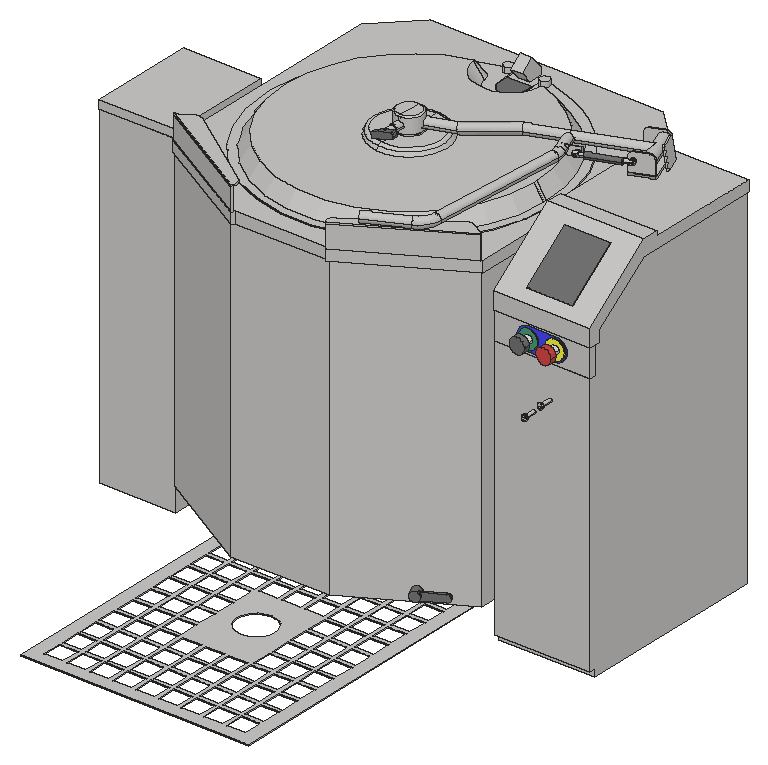
Revit family "QF_DIETATEC_C-CLASSIC_200_180516033151", category Specialty Equipment, Revit 2015 (continued)
Definition of nested family "QF_Dietatec_C-CLASSIC_200_FL"
  Lines and regions (mm)
    symbolic lines
      curve 247: line (328.963, -969.201, 0) -> (278.963, -969.201, 0)
      curve 248: line (328.963, -1019.201, 0) -> (328.963, -969.201, 0)
      curve 249: line (518.963, -1019.201, 0) -> (568.963, -1019.201, 0)
      curve 250: line (518.963, -969.201, 0) -> (518.963, -1019.201, 0)
      curve 251: line (568.963, -969.201, 0) -> (518.963, -969.201, 0)
      curve 252: line (568.963, -1019.201, 0) -> (568.963, -969.201, 0)
      curve 253: line (578.963, -1019.201, 0) -> (628.963, -1019.201, 0)
      curve 254: line (578.963, -969.201, 0) -> (578.963, -1019.201, 0)
      curve 255: line (628.963, -969.201, 0) -> (578.963, -969.201, 0)
      curve 256: line (628.963, -1019.201, 0) -> (628.963, -969.201, 0)
      curve 257: line (638.963, -1019.201, 0) -> (688.963, -1019.201, 0)
      curve 258: line (638.963, -969.201, 0) -> (638.963, -1019.201, 0)
      curve 259: line (688.963, -969.201, 0) -> (638.963, -969.201, 0)
      curve 260: line (688.963, -1019.201, 0) -> (688.963, -969.201, 0)
      curve 261: line (158.963, -959.201, 0) -> (208.963, -959.201, 0)
      curve 262: line (158.963, -909.201, 0) -> (158.963, -959.201, 0)
      curve 263: line (208.963, -909.201, 0) -> (158.963, -909.201, 0)
      curve 264: line (208.963, -959.201, 0) -> (208.963, -909.201, 0)
      curve 265: line (218.963, -959.201, 0) -> (268.963, -959.201, 0)
      curve 266: line (218.963, -909.201, 0) -> (218.963, -959.201, 0)
      curve 267: line (268.963, -909.201, 0) -> (218.963, -909.201, 0)
      curve 268: line (268.963, -959.201, 0) -> (268.963, -909.201, 0)
      curve 269: line (278.963, -959.201, 0) -> (328.963, -959.201, 0)
      curve 270: line (278.963, -909.201, 0) -> (278.963, -959.201, 0)
      curve 271: line (328.963, -909.201, 0) -> (278.963, -909.201, 0)
      curve 272: line (328.963, -959.201, 0) -> (328.963, -909.201, 0)
      curve 273: line (518.963, -959.201, 0) -> (568.963, -959.201, 0)
      curve 274: line (518.963, -909.201, 0) -> (518.963, -959.201, 0)
      curve 275: line (568.963, -909.201, 0) -> (518.963, -909.201, 0)
      curve 276: line (568.963, -959.201, 0) -> (568.963, -909.201, 0)
      curve 277: line (578.963, -959.201, 0) -> (628.963, -959.201, 0)
      curve 278: line (578.963, -909.201, 0) -> (578.963, -959.201, 0)
      curve 279: line (628.963, -909.201, 0) -> (578.963, -909.201, 0)
      curve 280: line (628.963, -959.201, 0) -> (628.963, -909.201, 0)
      curve 281: line (638.963, -959.201, 0) -> (688.963, -959.201, 0)
      curve 282: line (638.963, -909.201, 0) -> (638.963, -959.201, 0)
      curve 283: line (688.963, -909.201, 0) -> (638.963, -909.201, 0)
      curve 284: line (688.963, -959.201, 0) -> (688.963, -909.201, 0)
      curve 285: line (158.963, -899.201, 0) -> (208.963, -899.201, 0)
      curve 286: line (158.963, -849.201, 0) -> (158.963, -899.201, 0)
      curve 287: line (208.963, -849.201, 0) -> (158.963, -849.201, 0)
      curve 288: line (208.963, -899.201, 0) -> (208.963, -849.201, 0)
      curve 289: line (218.963, -899.201, 0) -> (268.963, -899.201, 0)
      curve 290: line (218.963, -849.201, 0) -> (218.963, -899.201, 0)
      curve 291: line (242.625, -849.201, 0) -> (218.963, -849.201, 0)
      curve 292: line (268.963, -899.201, 0) -> (268.963, -864.407, 0)
      curve 293: line (278.963, -899.201, 0) -> (328.963, -899.201, 0)
      curve 294: line (278.963, -870.18, 0) -> (278.963, -899.201, 0)
      curve 295: line (328.963, -899.201, 0) -> (328.963, -874.954, 0)
      curve 296: line (518.963, -899.201, 0) -> (568.963, -899.201, 0)
      curve 297: line (518.963, -874.954, 0) -> (518.963, -899.201, 0)
      curve 298: line (568.963, -899.201, 0) -> (568.963, -870.18, 0)
      curve 299: line (578.963, -899.201, 0) -> (628.963, -899.201, 0)
      curve 300: line (578.963, -864.407, 0) -> (578.963, -899.201, 0)
      curve 301: line (628.963, -899.201, 0) -> (628.963, -867.899, 0)
      curve 302: line (638.963, -899.201, 0) -> (688.963, -899.201, 0)
      curve 303: line (638.963, -863.022, 0) -> (638.963, -899.201, 0)
      curve 304: line (688.963, -849.201, 0) -> (667.3, -849.201, 0)
      curve 305: line (688.963, -899.201, 0) -> (688.963, -849.201, 0)
      curve 306: arc (735.97, -766.993, 0) -> (729.638, -785.381, 0) -> (714.961, -798.14, 0) r 37.57
      curve 307: arc (726.303, -820.423, 0) -> (750.495, -799.394, 0) -> (760.931, -769.086, 0) r 61.924
      curve 308: arc (785.792, -413.556, 0) -> (785.254, -399.87, 0) -> (781.767, -386.625, 0) r 62.903
      curve 309: arc (758.563, -395.937, 0) -> (760.542, -403.456, 0) -> (760.848, -411.226, 0) r 35.711
      curve 310: line (806.484, -360.326, 0) -> (776.143, -371.973, 0)
      curve 311: line (777.218, -374.774, 0) -> (807.559, -363.127, 0)
      curve 312: line (807.559, -363.127, 0) -> (806.484, -360.326, 0)
      curve 313: line (792.347, -354.774, 0) -> (796.081, -353.34, 0)
      curve 314: line (804.654, -367.303, 0) -> (795.318, -370.886, 0)
      curve 315: line (803.116, -384.643, 0) -> (808.064, -382.743, 0)
      curve 316: line (817.683, -362.877, 0) -> (823.059, -376.88, 0)
      curve 317: line (894.237, -333.491, 0) -> (899.612, -347.494, 0)
      curve 318: line (792.347, -354.774, 0) -> (791.771, -356.066, 0)
      curve 319: line (791.771, -356.066, 0) -> (795.086, -364.701, 0)
      curve 320: line (795.318, -370.886, 0) -> (794.294, -368.219, 0)
      curve 321: line (796.081, -353.34, 0) -> (797.373, -353.916, 0)
      curve 322: line (797.373, -353.916, 0) -> (800.688, -362.551, 0)
      curve 323: line (804.654, -367.303, 0) -> (803.63, -364.635, 0)
      curve 324: line (803.116, -384.643, 0) -> (802.005, -381.749, 0)
      curve 325: line (798.739, -373.362, 0) -> (797.182, -370.171, 0)
      curve 326: line (808.064, -382.743, 0) -> (806.953, -379.849, 0)
      curve 327: line (803.769, -371.431, 0) -> (802.79, -368.018, 0)
      curve 328: line (795.079, -374.767, 0) -> (818.758, -365.677, 0)
      curve 329: line (798.304, -383.169, 0) -> (821.984, -374.08, 0)
      curve 330: arc (795.079, -374.767, 0) -> (795.405, -379.462, 0) -> (798.304, -383.169, 0) r 8.039
      curve 331: line (817.683, -362.877, 0) -> (894.237, -333.491, 0)
      curve 332: line (823.059, -376.88, 0) -> (899.612, -347.494, 0)
      curve 333: line (918.988, -327.203, 0) -> (895.312, -336.291, 0)
      curve 334: line (922.213, -335.605, 0) -> (898.537, -344.693, 0)
      curve 335: arc (918.988, -327.203, 0) -> (921.884, -330.911, 0) -> (922.213, -335.605, 0) r 8.055
      curve 336: line (914.679, -341.818, 0) -> (919.627, -339.919, 0)
      curve 337: line (919.627, -339.919, 0) -> (918.516, -337.024, 0)
      curve 338: line (915.331, -328.606, 0) -> (914.353, -325.193, 0)
      curve 339: line (914.679, -341.818, 0) -> (913.568, -338.924, 0)
      curve 340: line (910.302, -330.537, 0) -> (908.745, -327.346, 0)
      curve 341: line (906.881, -328.061, 0) -> (916.217, -324.478, 0)
      curve 342: line (916.217, -324.478, 0) -> (915.103, -321.577, 0)
      curve 343: line (906.881, -328.061, 0) -> (905.768, -325.161, 0)
      curve 344: line (903.334, -313.241, 0) -> (903.909, -311.949, 0)
      curve 345: line (903.909, -311.949, 0) -> (907.644, -310.515, 0)
      curve 346: line (907.644, -310.515, 0) -> (908.936, -311.091, 0)
      curve 347: line (908.936, -311.091, 0) -> (911.803, -318.559, 0)
      curve 348: line (903.334, -313.241, 0) -> (906.201, -320.709, 0)
      curve 349: line (883.912, -287.759, 0) -> (899.232, -327.669, 0)
      curve 350: line (118, -0.009, 0) -> (17.528, -100.481, 0)
      curve 351: line (17.528, -100.481, 0) -> (17.528, -719.241, 0)
      curve 352: line (19.933, -720.63, 0) -> (123.963, -780.691, 0)
      curve 353: line (548.244, -882.143, 0) -> (734.668, -774.51, 0)
      curve 354: line (830.397, -719.241, 0) -> (830.397, -100.481, 0)
      curve 355: line (830.397, -100.481, 0) -> (729.925, -0.009, 0)
      curve 356: line (118, -0.009, 0) -> (729.925, -0.009, 0)
      curve 357: line (1.502, -511.058, 0) -> (0, -511.058, 0)
      curve 358: line (1.502, -511.058, 0) -> (1.502, -516.614, 0)
      curve 359: line (1.502, -516.614, 0) -> (15.667, -516.614, 0)
      curve 360: line (15.667, -516.614, 0) -> (15.667, -515.478, 0)
      curve 361: line (15.667, -515.478, 0) -> (17.528, -515.478, 0)
      curve 362: line (1.502, -611.167, 0) -> (0, -611.167, 0)
      curve 363: line (1.502, -611.167, 0) -> (1.502, -605.611, 0)
      curve 364: line (1.502, -605.611, 0) -> (15.667, -605.611, 0)
      curve 365: line (15.667, -605.611, 0) -> (15.667, -606.747, 0)
      curve 366: line (15.667, -606.747, 0) -> (17.528, -606.747, 0)
      curve 367: line (846.423, -511.058, 0) -> (847.351, -511.058, 0)
      curve 368: line (846.423, -511.058, 0) -> (846.423, -516.614, 0)
      curve 369: line (846.423, -516.614, 0) -> (831.423, -516.614, 0)
      curve 370: line (832.258, -516.614, 0) -> (832.258, -515.478, 0)
      curve 371: line (832.258, -515.478, 0) -> (830.397, -515.478, 0)
      curve 372: line (846.423, -611.167, 0) -> (847.351, -611.167, 0)
      curve 373: line (846.423, -611.167, 0) -> (846.423, -605.611, 0)
      curve 374: line (846.423, -605.611, 0) -> (832.258, -605.611, 0)
      curve 375: line (832.258, -605.611, 0) -> (832.258, -606.747, 0)
      curve 376: line (832.258, -606.747, 0) -> (830.397, -606.747, 0)
      curve 377: line (787.247, -764.939, 0) -> (789.747, -769.269, 0)
      curve 378: line (789.747, -769.269, 0) -> (756.326, -788.564, 0)
      curve 379: line (787.247, -764.939, 0) -> (758.819, -781.351, 0)
      curve 380: arc (417.166, -548.182, 0) -> (326.772, -444.196, 0) -> (430.759, -353.802, 0) r 97.428
      curve 381: arc (430.759, -353.802, 0) -> (476.735, -369.094, 0) -> (509.659, -404.642, 0) r 97.428
      curve 382: line (21.683, -717.599, 0) -> (19.933, -720.63, 0)
      curve 383: line (28.256, -715.851, 0) -> (21.683, -717.599, 0)
      curve 384: line (56.229, -699.701, 0) -> (28.256, -715.851, 0)
      curve 385: arc (77.724, -700.639, 0) -> (67.113, -697.037, 0) -> (56.229, -699.701, 0) r 20.022
      curve 386: line (295.378, -853.042, 0) -> (77.724, -700.639, 0)
      curve 387: arc (301.234, -879.454, 0) -> (303.441, -865.11, 0) -> (295.378, -853.042, 0) r 20.022
      curve 388: line (299.681, -882.143, 0) -> (301.234, -879.454, 0)
      curve 389: line (123.963, -780.691, 0) -> (299.681, -882.143, 0)
      curve 390: line (303.831, -874.954, 0) -> (544.094, -874.954, 0)
      curve 391: arc (552.547, -853.042, 0) -> (544.484, -865.11, 0) -> (546.691, -879.454, 0) r 20.022
      curve 392: line (546.691, -879.454, 0) -> (548.244, -882.143, 0)
      curve 393: line (770.201, -700.639, 0) -> (765.486, -703.94, 0)
      curve 394: arc (791.696, -699.701, 0) -> (780.812, -697.037, 0) -> (770.201, -700.639, 0) r 20.022
      curve 395: line (819.669, -715.851, 0) -> (791.696, -699.701, 0)
      curve 396: line (826.242, -717.599, 0) -> (819.669, -715.851, 0)
      curve 397: line (827.992, -720.63, 0) -> (826.242, -717.599, 0)
      curve 398: line (707.033, -802.007, 0) -> (702.036, -793.351, 0)
      curve 399: line (727.082, -788.746, 0) -> (722.815, -781.354, 0)
      curve 400: arc (373.388, -53.748, 0) -> (333.109, -65.59, 0) -> (293.965, -80.765, 0) r 500.546
      curve 401: arc (293.965, -80.765, 0) -> (251.378, -100.836, 0) -> (211.77, -126.287, 0) r 360.393
      curve 402: arc (211.77, -126.287, 0) -> (91.855, -260.942, 0) -> (48.553, -435.976, 0) r 375.41
      curve 403: line (48.553, -435.976, 0) -> (48.553, -450.992, 0)
      curve 404: arc (48.553, -450.992, 0) -> (322.372, -812.395, 0) -> (744.389, -646.591, 0) r 375.41
      curve 405: line (799.372, -450.992, 0) -> (799.372, -435.976, 0)
      curve 406: arc (799.372, -435.976, 0) -> (795.269, -380.621, 0) -> (783.048, -326.477, 0) r 375.41
      curve 407: arc (553.96, -80.765, 0) -> (514.816, -65.59, 0) -> (474.537, -53.748, 0) r 500.546
      curve 408: arc (636.155, -126.287, 0) -> (596.547, -100.836, 0) -> (553.96, -80.765, 0) r 360.393
      curve 409: arc (471.472, -78.41, 0) -> (458.953, -65.891, 0) -> (471.472, -53.372, 0) r 12.519
      curve 410: arc (471.472, -53.372, 0) -> (483.991, -65.891, 0) -> (471.472, -78.41, 0) r 12.519
      curve 411: line (459.001, -63.727, 0) -> (459.001, -79.406, 0)
      curve 412: arc (454.98, -123.634, 0) -> (457.993, -101.611, 0) -> (459.001, -79.406, 0) r 245.268
      curve 413: arc (392.945, -123.634, 0) -> (423.963, -149.482, 0) -> (454.98, -123.634, 0) r 31.534
      curve 414: arc (389.143, -89.77, 0) -> (390.455, -106.768, 0) -> (392.945, -123.634, 0) r 245.268
      curve 415: arc (392.945, -123.634, 0) -> (389.932, -101.611, 0) -> (388.924, -79.406, 0) r 245.268
      curve 416: line (388.924, -79.406, 0) -> (388.924, -63.727, 0)
      curve 417: arc (376.453, -78.41, 0) -> (388.972, -65.891, 0) -> (376.453, -53.372, 0) r 12.519
      curve 418: arc (376.453, -53.372, 0) -> (363.934, -65.891, 0) -> (376.453, -78.41, 0) r 12.519
      curve 419: arc (458.782, -89.77, 0) -> (448.89, -88.953, 0) -> (438.979, -88.407, 0) r 362.896
      curve 420: line (408.946, -37.248, 0) -> (408.946, -98.033, 0)
      curve 421: line (408.946, -98.033, 0) -> (438.979, -98.033, 0)
      curve 422: line (438.979, -98.033, 0) -> (438.979, -37.248, 0)
      curve 423: line (408.946, -73.721, 0) -> (438.979, -73.721, 0)
      curve 424: line (438.979, -37.248, 0) -> (408.946, -37.248, 0)
      curve 425: arc (330.575, -127.323, 0) -> (161.603, -245.354, 0) -> (96.697, -440.981, 0) r 327.265
      curve 426: arc (336.201, -130.917, 0) -> (334.209, -127.834, 0) -> (330.575, -127.323, 0) r 4.413
      curve 427: arc (511.724, -130.917, 0) -> (423.963, -206.817, 0) -> (336.201, -130.917, 0) r 88.689
      curve 428: arc (517.35, -127.323, 0) -> (513.716, -127.834, 0) -> (511.724, -130.917, 0) r 4.413
      curve 429: arc (751.228, -440.981, 0) -> (747.555, -392.091, 0) -> (736.62, -344.299, 0) r 327.265
      curve 430: line (96.697, -440.981, 0) -> (96.697, -450.992, 0)
      curve 431: arc (96.697, -450.992, 0) -> (423.963, -778.257, 0) -> (751.228, -450.992, 0) r 327.265
      curve 432: line (751.228, -450.992, 0) -> (751.228, -440.981, 0)
      curve 433: line (158.963, -839.201, 0) -> (158.963, -800.898, 0)
      curve 434: line (158.963, -839.201, 0) -> (208.963, -839.201, 0)
      curve 435: line (208.963, -839.201, 0) -> (208.963, -829.766, 0)
      curve 436: line (761.64, -758.938, 0) -> (827.992, -720.63, 0)
      curve 437: line (723.963, -821.565, 0) -> (726.303, -820.423, 0)
      curve 438: line (761.64, -758.938, 0) -> (785.792, -413.556, 0)
      curve 439: arc (518.633, -427.976, 0) -> (498.413, -513.836, 0) -> (417.166, -548.182, 0) r 97.428
      curve 440: arc (728.324, -320.705, 0) -> (645.097, -199.73, 0) -> (517.35, -127.323, 0) r 327.265
      curve 441: arc (774.958, -302.804, 0) -> (719.063, -203.924, 0) -> (636.155, -126.287, 0) r 375.41
      curve 442: arc (773.618, -587.641, 0) -> (792.877, -520.52, 0) -> (799.372, -450.992, 0) r 375.41
      curve 443: line (739.086, -722.426, 0) -> (552.547, -853.042, 0)
      curve 444: arc (408.946, -88.407, 0) -> (399.035, -88.953, 0) -> (389.143, -89.77, 0) r 362.896
  Dimensions and locks
    plane 3 "Left" to plane 4 "Right" = 1101.351 mm
    plane 5 "Front" to plane 1 "Back" = 882.143 mm
    Extrusion 32 to Extrusion 32 = 1304.573 mm
    aligned and locked: level to plane 2
  Connectors
    electrical at (954.351, -182.201, 120), driven by "Apparent Power", driven by "Volts", driven by "Number of Poles"
      settings: on Extrusion 35, index 4, voltage 230 V, apparent load 0 VA, apparent load phase1 500 VA, apparent load phase2 0 VA, apparent load phase3 0 VA, power factor 1, load classification none, number of poles 1, system type 31, power factor state 1, is connector primary yes, connector utility no, sub classification motor no, connector description "electrical connection"
    piping at (1024.351, -182.201, 120), diameter 12.7, driven by "Cold Water Size", driven by "Cold Water Flow"
      settings: on Extrusion 34, index 5, connector inside diameter 609.6 mm, connector length 0 mm, flow factor 0, pipe flow 0.0 L/s, pressure drop 0.0 Pa, fitting loss kfactor 0, connector angle 0.00°, fixture units 0, engagement length 0 mm, angle of deflection 0.00°, flow configuration 1, flow direction 1, fitting loss method 0, system type 20, joint type 0, gender type 0, connector reference index -1, connector utility 0, adjustable connector no, is connector primary yes, connector description "water inlet"
Definition of nested family "QF_Dietatec_KETTLE_LEFT_LEG"
  Parameters (values of type "KETTLE_LEFT_LEG")
    Width [instance] = 0 mm
    Weight in Pounds = 0
    URL Cutsheet = "www.dietatec.com"
    URL = "www.dietatec.com"
    Status [instance] = ""
    Specification by User [instance] = ""
    Specification by Manufacturer = ""
    Show Logo [instance] = yes
    Show Clearance [instance] = yes
    Serial Number = ""
    Seismic Rating = ""
    SMACNA No = ""
    Revision Code [instance] = ""
    NAFEM Spec ID Number = ""
    Model = "KETTLE_LEFT_LEG"
    Masterspec = ""
    Manufacturer = "DIETATEC"
    ListPrice [instance] = 0
    Item Number [instance] = ""
    Installed By [instance] = ""
    Identify Quantity as Lot [instance] = no
    Height [instance] = 0 mm
    Furnished By [instance] = ""
    Foodservice Equipment Identifier [instance] = yes
    Description = "LEFT LEG OF C-CLASSIC AND CELER MODELS"
    Depth [instance] = 0 mm
    CSI MasterFormat = ""
    Assembly Code = "E1090320"
  Reference planes
    plane 1 "Back": y = 0
    plane 2: z = 0
    plane 3 "Left": x = 0
    plane 4 "Right": x = 1153.5
    plane 5 "Front": y = -770
    plane 6 "Top": z = 1000
  Forms (mm)
    Extrusion 1, solid
      sketch origin (-203, 0, 0) x (1, 0, 0) y (0, 1, 0)
        loop
          line (201.5, -326) -> (1.5, -326) -> (1.5, -601) -> (201.5, -601) -> (201.5, -326)
      from 0 to 880
    Extrusion 2, solid
      sketch origin (-1081.5, -472.5, -153) x (1, 0, 0) y (0, 0, 1)
        loop
          circle (930, 278) r 15
      from -150 to -146.5
    Extrusion 3, solid
      sketch origin (-981.5, -472.5, -153) x (1, 0, 0) y (0, 0, 1)
        loop
          circle (930, 278) r 15
      from -150 to -146.5
    Extrusion 4, solid
      sketch origin (-203, 0, 880) x (1, 0, 0) y (0, 1, 0)
        loop
          line (203, -324.5) -> (0, -324.5) -> (0, -602.5) -> (203, -602.5) -> (203, -324.5)
      from 0 to 21
  Lines and regions (mm)
    symbolic lines
      curve 1: line (0, -324.5, 0) -> (-203, -324.5, 0)
      curve 2: line (0, -602.5, 0) -> (0, -324.5, 0)
      curve 3: line (-203, -602.5, 0) -> (0, -602.5, 0)
      curve 4: line (-203, -324.5, 0) -> (-203, -602.5, 0)
  Dimensions and locks
    plane 3 "Left" to plane 4 "Right" = 1153.5 mm
    plane 5 "Front" to plane 1 "Back" = 770 mm
    aligned and locked: level to plane 2
